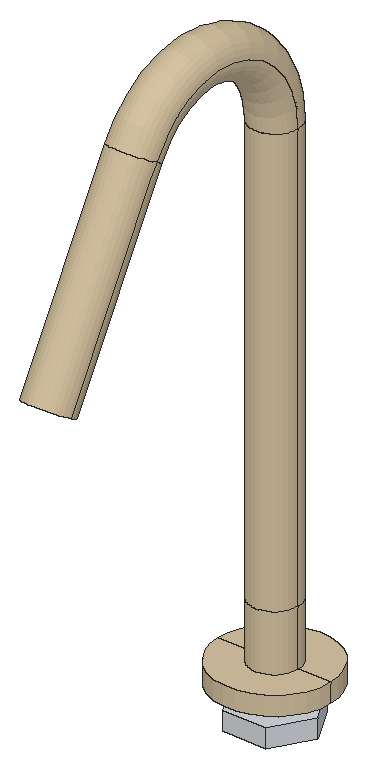
Revit family "Reece_Tap_Milli_Pure_Spa Outlet_Hob Mount_150 mm", category Plumbing Fixtures, host Face, Revit 2018
Family settings
  Host = Face
  Round Connector Dimension = Use Diameter
  Part Type = Normal
  Cut with Voids When Loaded = No
  Shared = Yes
  Room Calculation Point = Yes
Parameters (values of type "PVD Brushed Gold")
  WFU = 0  # constant formula
  URL = "https://www.reece.com.au/product/-9510958"
  Type Comments = "Tap"
  Reece_Tap_Reach = 150 mm  # constant formula
  Reece_Tap_Inlet = 15 mm  # constant formula
  Reece_Tap_Clearance = 195 mm  # constant formula
  Reece_Product_Web Page = "https://www.reece.com.au/product/-9510958"
  Reece_Product_Type = "Tap"  # constant formula
  Reece_Product_Sub Brand = "Pure"  # constant formula
  Reece_Product_Number = "9510958"
  Reece_Product_Mount = "Hob Mounted"
  Reece_Product_Description = "Milli Pure Hob Spa Outlet PVD Brushed Gold"
  Reece_Product_Brand = "Milli\r\n"  # constant formula
  Reece_Overall_Length = 190.8 mm  # constant formula
  Reece_Overall_Height = 330 mm  # constant formula
  Reece_Material-Main = Reece_PVD_Brushed Gold
  Reece_Detail_Shape = ""
  Reece_Detail_Disclaimer = "THIS FILE IS THE PROPERTY OF THE REECE GROUP. IT MAY NOT BE REPRODUCED, REVERSE-ENGINEERED OR MODIFIED. ANY REPUBLICATION, TRANSMISSION OR DISTRIBUTION FOR THE PURPOSE OF COMMERCIALLY EXPLOITING THE FILES IS PROHIBITED."  # constant formula
  Reece_Detail_Connector = ""
  Reece_Detail_Additional = ""
  Model = "Pure"
  Manufacturer = "Milli\r\n"
  Keynote = "Product #9510958, Reece_Tap_Milli_Pure_Spa Outlet_Hob Mount_150 mm - PVD Brushed Gold"
  HWFU = 0  # constant formula
  Disclaimer = "THIS FILE IS THE PROPERTY OF THE REECE GROUP. IT MAY NOT BE REPRODUCED, REVERSE-ENGINEERED OR MODIFIED. ANY REPUBLICATION, TRANSMISSION OR DISTRIBUTION FOR THE PURPOSE OF COMMERCIALLY EXPLOITING THE FILES IS PROHIBITED."  # constant formula
  Description = "Milli Pure Hob Spa Outlet PVD Brushed Gold"
  Default Elevation = 1000 mm
  CWFU = 0  # constant formula
Types (7, lengths in mm): name | URL | Reece_Product_Web Page | Reece_Product_Number | Reece_Product_Description | Reece_Material-Main | Keynote | Description
  (no name) | "https://www.reece.com.au/product/-2281332" | "https://www.reece.com.au/product/-2281332" | "2281332" | "Milli Pure Hob Spa Outlet Brushed Gunmetal" | Reece_Brass_Brushed Gunmetal | "Product #2281332, Reece_Tap_Milli_Pure_Spa Outlet_Hob Mount_150 mm -  " | "Milli Pure Hob Spa Outlet Brushed Gunmetal"
  Brushed Gunmetal | "https://www.reece.com.au/product/-2281332" | "https://www.reece.com.au/product/-2281332" | "2281332" | "Milli Pure Hob Spa Outlet Brushed Gunmetal" | Reece_Brass_Brushed Gunmetal | "Product #2281332, Reece_Tap_Milli_Pure_Spa Outlet_Hob Mount_150 mm - Brushed Gunmetal" | "Milli Pure Hob Spa Outlet Brushed Gunmetal"
  Chrome | "https://www.reece.com.au/product/-2281143" | "https://www.reece.com.au/product/-2281143" | "2281143" | "Milli Pure Hob Spa Outlet Chrome" | Reece_Brass_Chrome | "Product #2281143, Reece_Tap_Milli_Pure_Spa Outlet_Hob Mount_150 mm - Chrome" | "Milli Pure Hob Spa Outlet Chrome"
  Matte Black | "https://www.reece.com.au/product/-2281254" | "https://www.reece.com.au/product/-2281254" | "2281254" | "Milli Pure Hob Spa Outlet Matte Black" | Reece_Brass_Matte Black | "Product #2281254, Reece_Tap_Milli_Pure_Spa Outlet_Hob Mount_150 mm - Matte Black" | "Milli Pure Hob Spa Outlet Matte Black"
  Brushed Nickel | "https://www.reece.com.au/product/-2299281" | "https://www.reece.com.au/product/-2299281" | "2299281" | "Milli Pure Hob Spa Outlet Brushed Nickel" | Reece_Brass_Brushed Nickel | "Product #2299281, Reece_Tap_Milli_Pure_Spa Outlet_Hob Mount_150 mm - Brushed Nickel" | "Milli Pure Hob Spa Outlet Brushed Nickel"
  PVD Brushed Bronze | "https://www.reece.com.au/product/-9511143" | "https://www.reece.com.au/product/-9511143" | "9511143" | "Milli Pure Hob Spa Outlet PVD Brushed Bronze" | Reece_PVD_Brushed Bronze | "Product #9511143, Reece_Tap_Milli_Pure_Spa Outlet_Hob Mount_150 mm - PVD Brushed Bronze" | "Milli Pure Hob Spa Outlet PVD Brushed Bronze"
  PVD Brushed Gold | "https://www.reece.com.au/product/-9510958" | "https://www.reece.com.au/product/-9510958" | "9510958" | "Milli Pure Hob Spa Outlet PVD Brushed Gold" | Reece_PVD_Brushed Gold | "Product #9510958, Reece_Tap_Milli_Pure_Spa Outlet_Hob Mount_150 mm - PVD Brushed Gold" | "Milli Pure Hob Spa Outlet PVD Brushed Gold"
Reference planes
  plane 1 "Center (Front/Back)": y = 0
  plane 2 "Bottom": z = 0
  plane 3 "Center (Left/Right)": x = 0
  plane 4 "Top": z = 330
  plane 5: y = -150
  plane 6: z = 195
  plane 7: y = 30
  plane 8: y = -160.8
  plane 9: through (0, -150, 195) normal (0, 0.866, -0.5)
Forms (mm)
  Extrusion 1, void
    sketch origin (0, 0, 0) x (1, 0, 0) y (0, 1, 0)
      loop
        circle (0, 0) r 18.5
    from -50.685 to 0
  Revolve 2, solid, material "Reece_PVD_Brushed Gold" <- "Reece_Material-Main"
    sketch origin (3.5, 0, 0) x (-1, 0, 0) y (0, 0, 1)
      loop
        line (-26.5, 10) -> (-26.5, 0) -> (3.5, 0) -> (3.5, 10) -> (-26.5, 10)
      axis (3.5, 10) -> (3.5, 0)
    angle from 0 to 360
  Sweep 3, solid, material "Reece_PVD_Brushed Gold" <- "Reece_Material-Main"
    path origin (0, 0, 0) x (0, 1, 0) y (0, 0, 1)
      loop
        line (-150, 195) -> (-93.861, 292.235)
        arc (-93.861, 292.235) -> (-37.281, 315.672) -> (0, 267.085) r 50.3
        line (0, 267.085) -> (0, 39.986)
    profile origin (0, 0, 153.536) x (1, 0, 0) y (0, 1, 0)
      loop
        circle (0, 0) r 12.5
  Revolve 4, void
    sketch origin (0, -1.709, -28.285) x (0, 0.984808, -0.173648) y (0, 0.173648, 0.984808)
      loop
        line (-175.495, 193.425) -> (-183.952, 196.503) -> (-185.105, 193.336) -> (-176.647, 190.258) -> (-175.495, 193.425)
      axis (-183.952, 196.503) -> (-185.105, 193.336)
    angle from 0 to 360
  Sweep 5, solid, material "Reece_PVD_Brushed Gold" <- "Reece_Material-Main"
    path origin (0, 0, 12.486) x (0, 1, 0) y (0, 0, 1)
      loop
        line (0, 27.5) -> (0, -2.5)
    profile origin (0, 0, 24.986) x (1, 0, 0) y (0, 1, 0)
      loop
        circle (0, 0) r 12.5
  Revolve 6, solid, material "Reece_PVD_Brushed Gold" <- "Reece_Material-Main"
    sketch origin (3.5, 0, 0) x (-1, 0, 0) y (0, 0, 1)
      loop
        line (-9, -10) -> (3.5, -10) -> (3.5, 0) -> (-9, 0) -> (-9, -10)
      axis (3.5, -10) -> (3.5, 0)
    angle from 0 to 360
  Extrusion 7, solid
    sketch origin (0, 0, -10) x (0, -1, 0) y (-1, 0, 0)
      loop
        circle (0, 0) r 12.5
      loop
        line (-20, -11.547) -> (0, -23.094) -> (20, -11.547) -> (20, 11.547) -> (0, 23.094) -> (-20, 11.547) -> (-20, -11.547)
    from 9.151 to -0.451
Cuts and joins
  joined: Revolve 2, Sweep 5
  Revolve 4 cuts Sweep 3
Text (mm)
  text "Reece Copyright © 2018, Reece Ltd." at (-1403.988, -1192.393, 0), in view "Ref. Level"
  text "Reece ©" at (44.384, 258.95, 192.345), in view "Reece Preview"
Dimensions and locks
  Revolve 2 sketch curve to Revolve 2 sketch curve = 30 mm
  "Reece_Overall_Height": plane 4 "Top" to plane 2 "Bottom"
  "Reece_Tap_Clearance": plane 6 to plane 2 "Bottom"
  "Reece_Tap_Reach": plane 1 "Center (Front/Back)" to plane 5
  "Reece_Overall_Length": plane 7 to plane 8
  angle plane 9 to plane 5 = 30.00°
  aligned and locked: plane 2 "Bottom" to host face
  aligned and locked: level to host face
Automatic sketch dimensions
  host sketch curve to host sketch curve = 380.785 mm
  host sketch curve to host sketch curve = 317.421 mm
  Extrusion 1 sketch curve to Extrusion 1 sketch curve = 0 mm  (x2)
  Extrusion 1 sketch curve to plane 3 "Center (Left/Right)" = 0 mm
  plane 1 "Center (Front/Back)" to Extrusion 1 sketch curve = 0 mm
  plane 1 "Center (Front/Back)" to Extrusion 1 sketch curve = 18.5 mm
  Revolve 2 sketch curve to level = 0 mm
  plane 3 "Center (Left/Right)" to Revolve 2 sketch curve = 0 mm
  Revolve 2 sketch curve to plane 3 "Center (Left/Right)" = 0 mm
  level to Revolve 2 sketch curve = 10 mm
  Revolve 2 sketch curve to Revolve 2 sketch curve = 340.81 mm
  plane 4 "Top" to Revolve 2 sketch curve = 2048.37 mm
  Sweep 3 sketch curve to plane 5 = 0 mm
  plane 9 to Sweep 3 sketch curve = 0 mm
  Sweep 3 sketch curve to plane 1 "Center (Front/Back)" = 0 mm
  Sweep 3 sketch curve to plane 6 = 0 mm
  Sweep 3 sketch curve to plane 4 "Top" = 37.765 mm
  plane 1 "Center (Front/Back)" to Sweep 3 sketch curve = 50.3 mm
  level to Sweep 3 sketch curve = 39.986 mm
  Sweep 3 sketch curve to plane 3 "Center (Left/Right)" = 0 mm
  profile plane to Sweep 3 sketch curve = 0 mm
  plane 9 to Revolve 4 sketch curve = 0 mm  (x4)
  plane 5 to Revolve 4 sketch curve = 0.429 mm
  Revolve 4 sketch curve to Revolve 4 sketch curve = 1.153 mm
  Revolve 4 sketch curve to Revolve 4 sketch curve = 8.457 mm
  Revolve 4 sketch curve to Revolve 4 sketch curve = 7.036 mm
  Revolve 4 sketch curve to Revolve 4 sketch curve = 21.517 mm
  Sweep 5 sketch curve to plane 1 "Center (Front/Back)" = 0 mm
  level to Sweep 5 sketch curve = 9.986 mm
  Sweep 5 sketch curve to Sweep 5 sketch curve = 30 mm
  Sweep 5 sketch curve to plane 3 "Center (Left/Right)" = 0 mm
  profile plane to Sweep 5 sketch curve = 0 mm
  Revolve 6 sketch curve to level = 0 mm
  Revolve 6 sketch curve to plane 3 "Center (Left/Right)" = 0 mm
  plane 3 "Center (Left/Right)" to Revolve 6 sketch curve = 0 mm
  plane 3 "Center (Left/Right)" to Revolve 6 sketch curve = 12.5 mm
  Revolve 6 sketch curve to level = 10 mm
  Revolve 6 sketch curve to Revolve 6 sketch curve = 2368.37 mm
  plane 4 "Top" to Revolve 6 sketch curve = 10.81 mm
  Revolve 6 to Extrusion 7 sketch curve = 0 mm
  Extrusion 7 sketch curve to Revolve 6 = 0 mm
  Extrusion 7 sketch curve to Revolve 6 = 20 mm
  Revolve 6 to Extrusion 7 sketch curve = 20 mm
  Extrusion 7 sketch curve to Extrusion 7 sketch curve = 10.594 mm  (x2)
  Extrusion 7 sketch curve to Extrusion 7 sketch curve = 0.953 mm  (x4)
  radius of Sweep 3 sketch curve = 12.5 mm
  radius of Sweep 5 sketch curve = 12.5 mm
  radius of Extrusion 7 sketch curve to Revolve 6 = 0 mm
Connectors
  piping at (0, 0, -10), diameter 15, driven by "Reece_Tap_Inlet"
    settings: on Revolve 6, index 1, connector inside diameter 609.6 mm, connector length 0 mm, flow factor 0, pipe flow 0.0 L/s, pressure drop 0.0 Pa, fitting loss kfactor 0, connector angle 0.00°, fixture units 0, engagement length 0 mm, angle of deflection 0.00°, flow configuration 0, flow direction 1, fitting loss method 0, system type 29, joint type 0, gender type 0, connector reference index -1, connector utility 0, adjustable connector no, is connector primary yes, connector description ""
